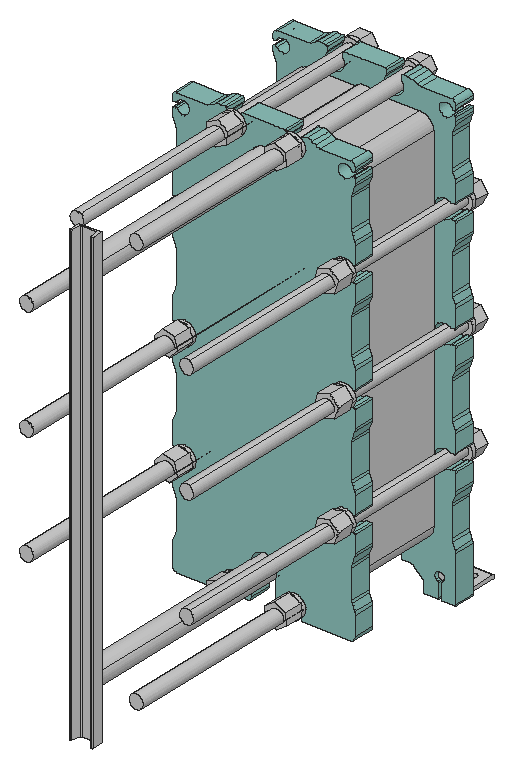
Revit family "Ekin_Endüstriyel - MIT518", category Specialty Equipment, Revit 2022 (continued)
Automatic sketch dimensions
  Extrusion 1 sketch curve to Extrusion 1 sketch curve = 62.947 mm  (x4)
  Extrusion 1 sketch curve to Extrusion 1 sketch curve = 15.352 mm  (x14)
  Extrusion 1 sketch curve to Extrusion 1 sketch curve = 37.744 mm  (x12)
  Extrusion 1 sketch curve to Extrusion 1 sketch curve = 72.947 mm  (x4)
  Extrusion 1 sketch curve to Extrusion 1 sketch curve = 6.006 mm  (x3)
  Extrusion 1 sketch curve to Extrusion 1 sketch curve = 8.994 mm  (x2)
  Extrusion 1 sketch curve to Extrusion 1 sketch curve = 58.00 mm  (x2)
  Extrusion 1 sketch curve to Extrusion 1 sketch curve = 7.00 mm  (x2)
  Extrusion 1 sketch curve to Extrusion 1 sketch curve = 9.333 mm  (x2)
  Extrusion 1 sketch curve to Extrusion 1 sketch curve = 2.679 mm  (x2)
  Extrusion 1 sketch curve to plane 3 "Center (Left/Right)" = 2.239 mm
  Extrusion 1 sketch curve to plane 3 "Center (Left/Right)" = 6.25 mm
  Extrusion 1 sketch curve to Extrusion 1 sketch curve = 1.994 mm  (x32)
  Extrusion 1 sketch curve to Extrusion 1 sketch curve = 31.50 mm  (x4)
  plane 3 "Center (Left/Right)" to Extrusion 1 sketch curve = 2.239 mm
  Extrusion 1 sketch curve to Extrusion 1 sketch curve = 6.187 mm  (x16)
  Extrusion 1 sketch curve to Extrusion 1 sketch curve = 6.368 mm
  Extrusion 2 sketch curve to Extrusion 2 sketch curve = 0.00 mm  (x26)
  Extrusion 2 sketch curve to plane 3 "Center (Left/Right)" = 0.00 mm  (x2)
  Extrusion 2 sketch curve to Extrusion 2 sketch curve = 26.50 mm  (x2)
  Extrusion 2 sketch curve to Extrusion 2 sketch curve = 10.00 mm  (x12)
  plane 3 "Center (Left/Right)" to Extrusion 2 sketch curve = 45.75 mm
  Extrusion 2 sketch curve to Extrusion 2 sketch curve = 9.25 mm  (x2)
  Extrusion 2 sketch curve to Extrusion 2 sketch curve = 3.00 mm  (x31)
  Extrusion 2 sketch curve to Extrusion 2 sketch curve = 16.25 mm  (x20)
  Extrusion 2 sketch curve to Extrusion 2 sketch curve = 10.391 mm  (x2)
  Extrusion 2 sketch curve to Extrusion 2 sketch curve = 8.038 mm  (x2)
  plane 3 "Center (Left/Right)" to Extrusion 2 sketch curve = 175.00 mm  (x3)
  Extrusion 2 sketch curve to Extrusion 2 sketch curve = 55.321 mm  (x2)
  Extrusion 2 sketch curve to Extrusion 2 sketch curve = 5.00 mm  (x15)
  Extrusion 2 sketch curve to Extrusion 2 sketch curve = 2.00 mm  (x2)
  Extrusion 2 sketch curve to Extrusion 2 sketch curve = 95.75 mm  (x2)
  Extrusion 2 sketch curve to Extrusion 2 sketch curve = 14.333 mm  (x18)
  Extrusion 2 sketch curve to Extrusion 2 sketch curve = 12.00 mm  (x10)
  Extrusion 2 sketch curve to Extrusion 2 sketch curve = 1.206 mm  (x23)
  level to Extrusion 2 sketch curve = 124.186 mm  (x2)
  Extrusion 2 sketch curve to Extrusion 2 sketch curve = 4.125 mm  (x2)
  Extrusion 2 sketch curve to Extrusion 2 sketch curve = 7.667 mm  (x15)
  Extrusion 2 sketch curve to Extrusion 2 sketch curve = 2.875 mm  (x4)
  Extrusion 2 sketch curve to Extrusion 2 sketch curve = 5.588 mm  (x14)
  Extrusion 2 sketch curve to Extrusion 2 sketch curve = 1.794 mm  (x2)
  level to Extrusion 2 sketch curve = 108.834 mm  (x2)
  Extrusion 2 sketch curve to Extrusion 2 sketch curve = 20.00 mm  (x9)
  Extrusion 2 sketch curve to Extrusion 2 sketch curve = 18.794 mm  (x7)
  Extrusion 2 sketch curve to plane 3 "Center (Left/Right)" = 45.75 mm
  Extrusion 2 sketch curve to plane 3 "Center (Left/Right)" = 175.00 mm  (x3)
  Extrusion 2 sketch curve to Extrusion 2 sketch curve = 14.125 mm
  level to Extrusion 2 sketch curve = 75.00 mm  (x2)
  Extrusion 2 sketch curve to Extrusion 2 sketch curve = 41.994 mm  (x2)
  Extrusion 2 sketch curve to Extrusion 2 sketch curve = 0.667 mm  (x2)
  Extrusion 2 sketch curve to Extrusion 2 sketch curve = 69.50 mm
  Extrusion 2 sketch curve to Extrusion 2 sketch curve = 62.947 mm  (x4)
  Extrusion 2 sketch curve to Extrusion 2 sketch curve = 15.352 mm  (x14)
  Extrusion 2 sketch curve to Extrusion 2 sketch curve = 37.744 mm  (x12)
  Extrusion 2 sketch curve to Extrusion 2 sketch curve = 72.947 mm  (x4)
  Extrusion 2 sketch curve to Extrusion 2 sketch curve = 6.527 mm
  Extrusion 2 sketch curve to Extrusion 2 sketch curve = 8.994 mm  (x2)
  Extrusion 2 sketch curve to Extrusion 2 sketch curve = 49.50 mm  (x2)
  Extrusion 2 sketch curve to Extrusion 2 sketch curve = 7.00 mm  (x2)
  Extrusion 2 sketch curve to Extrusion 2 sketch curve = 9.333 mm  (x2)
  Extrusion 2 sketch curve to Extrusion 2 sketch curve = 2.679 mm  (x2)
  Extrusion 3 sketch curve to Extrusion 3 sketch curve = 0.00 mm  (x10)
  Extrusion 3 sketch curve to plane 3 "Center (Left/Right)" = 0.00 mm  (x2)
  plane 3 "Center (Left/Right)" to Extrusion 3 sketch curve = 20.00 mm  (x2)
  plane 3 "Center (Left/Right)" to Extrusion 3 sketch curve = 23.994 mm  (x2)
  Extrusion 3 sketch curve to Extrusion 3 sketch curve = 14.00 mm  (x7)
  Extrusion 3 sketch curve to Extrusion 3 sketch curve = 10.006 mm
  Extrusion 3 sketch curve to Extrusion 3 sketch curve = 56.00 mm  (x4)
  Extrusion 3 sketch curve to Extrusion 3 sketch curve = 30.00 mm  (x6)
  Extrusion 3 sketch curve to plane 3 "Center (Left/Right)" = 20.00 mm  (x2)
  Extrusion 3 sketch curve to plane 3 "Center (Left/Right)" = 23.994 mm  (x2)
  level to Extrusion 3 sketch curve = 107.50 mm
  Extrusion 3 sketch curve to Extrusion 3 sketch curve = 16.00 mm  (x2)
  Extrusion 3 sketch curve to Extrusion 3 sketch curve = 8.755 mm  (x4)
  Extrusion 3 sketch curve to Extrusion 3 sketch curve = 4.745 mm  (x3)
  Extrusion 3 sketch curve to Extrusion 3 sketch curve = 37.50 mm  (x4)
  Extrusion 3 sketch curve to Extrusion 3 sketch curve = 700.00 mm
  Extrusion 3 sketch curve to Extrusion 3 sketch curve = 24.00 mm
  Extrusion 3 sketch curve to Extrusion 3 sketch curve = 31.50 mm  (x4)
  Extrusion 4 sketch curve to Extrusion 4 sketch curve = 0.00 mm  (x4)
  Extrusion 4 sketch curve to plane 3 "Center (Left/Right)" = 0.00 mm  (x2)
  level to Extrusion 4 sketch curve = 124.50 mm
  Extrusion 4 sketch curve to Extrusion 4 sketch curve = 801.00 mm
  Extrusion 4 sketch curve to plane 3 "Center (Left/Right)" = 21.453 mm  (x2)
  plane 3 "Center (Left/Right)" to Extrusion 4 sketch curve = 21.453 mm  (x2)
  Extrusion 4 sketch curve to Extrusion 4 sketch curve = 12.836 mm  (x2)
  Extrusion 5 sketch curve to Extrusion 5 sketch curve = 0.00 mm  (x21)
  Extrusion 5 sketch curve to plane 3 "Center (Left/Right)" = 175.00 mm  (x3)
  Extrusion 5 sketch curve to plane 3 "Center (Left/Right)" = 65.00 mm  (x2)
  plane 3 "Center (Left/Right)" to Extrusion 5 sketch curve = 65.00 mm  (x2)
  plane 3 "Center (Left/Right)" to Extrusion 5 sketch curve = 175.00 mm  (x3)
  level to Extrusion 5 sketch curve = 75.00 mm  (x2)
  Extrusion 5 sketch curve to Extrusion 5 sketch curve = 205.00 mm  (x3)
  Extrusion 5 sketch curve to Extrusion 5 sketch curve = 245.00 mm  (x4)
  Extrusion 5 sketch curve to Extrusion 5 sketch curve = 6.445 mm  (x12)
  Extrusion 5 sketch curve to Extrusion 5 sketch curve = 7.313 mm  (x8)
  Extrusion 5 sketch curve to Extrusion 5 sketch curve = 13.097 mm  (x4)
  Extrusion 5 sketch curve to Extrusion 5 sketch curve = 13.545 mm  (x6)
  level to Extrusion 6 sketch curve = 51.227 mm  (x2)
  Extrusion 6 sketch curve to plane 3 "Center (Left/Right)" = 177.378 mm
  level to Extrusion 6 sketch curve = 37.394 mm  (x2)
  Extrusion 6 sketch curve to Extrusion 6 sketch curve = 0.796 mm  (x4)
  level to Extrusion 6 sketch curve = 58.834 mm  (x2)
  Extrusion 6 sketch curve to Extrusion 6 sketch curve = 11.582 mm  (x2)
  level to Extrusion 6 sketch curve = 31.166 mm  (x2)
  Extrusion 6 sketch curve to Extrusion 6 sketch curve = 12.378 mm  (x4)
  level to Extrusion 6 sketch curve = 52.606 mm  (x2)
  level to Extrusion 6 sketch curve = 38.773 mm  (x2)
  plane 3 "Center (Left/Right)" to Extrusion 6 sketch curve = 152.622 mm
  Extrusion 7 sketch curve to Extrusion 7 sketch curve = 0.00 mm  (x4)
  level to Extrusion 7 sketch curve = 45.00 mm  (x2)
  Extrusion 7 sketch curve to plane 3 "Center (Left/Right)" = 165.00 mm
  plane 3 "Center (Left/Right)" to Extrusion 7 sketch curve = 165.00 mm
  Extrusion 7 sketch curve to Extrusion 7 sketch curve = 11.702 mm  (x4)
  Extrusion 7 sketch curve to Extrusion 7 sketch curve = 7.685 mm  (x2)
  Extrusion 8 sketch curve to Extrusion 8 sketch curve = 0.00 mm  (x4)
  level to Extrusion 8 sketch curve = 45.00 mm  (x2)
  Extrusion 8 sketch curve to plane 3 "Center (Left/Right)" = 165.00 mm
  plane 3 "Center (Left/Right)" to Extrusion 8 sketch curve = 165.00 mm
  Extrusion 8 sketch curve to Extrusion 8 sketch curve = 5.851 mm  (x4)
  Extrusion 8 sketch curve to Extrusion 8 sketch curve = 3.843 mm  (x2)
  level to Extrusion 9 sketch curve = 51.227 mm  (x2)
  Extrusion 9 sketch curve to plane 3 "Center (Left/Right)" = 177.378 mm
  level to Extrusion 9 sketch curve = 37.394 mm  (x2)
  Extrusion 9 sketch curve to Extrusion 9 sketch curve = 0.796 mm  (x4)
  level to Extrusion 9 sketch curve = 58.834 mm  (x2)
  Extrusion 9 sketch curve to Extrusion 9 sketch curve = 11.582 mm  (x2)
  level to Extrusion 9 sketch curve = 31.166 mm  (x2)
  Extrusion 9 sketch curve to Extrusion 9 sketch curve = 12.378 mm  (x4)
  level to Extrusion 9 sketch curve = 52.606 mm  (x2)
  level to Extrusion 9 sketch curve = 38.773 mm  (x2)
  plane 3 "Center (Left/Right)" to Extrusion 9 sketch curve = 152.622 mm
  Extrusion 10 sketch curve to Extrusion 10 sketch curve = 0.00 mm  (x41)
  Extrusion 10 sketch curve to plane 3 "Center (Left/Right)" = 147.50 mm  (x2)
  Extrusion 10 sketch curve to Extrusion 10 sketch curve = 12.00 mm  (x16)
  Extrusion 10 sketch curve to Extrusion 10 sketch curve = 3.50 mm  (x26)
  Extrusion 10 sketch curve to Extrusion 10 sketch curve = 15.50 mm  (x14)
  Extrusion 10 sketch curve to Extrusion 10 sketch curve = 42.00 mm  (x20)
  Extrusion 10 sketch curve to plane 3 "Center (Left/Right)" = 48.00 mm  (x4)
  plane 3 "Center (Left/Right)" to Extrusion 10 sketch curve = 32.50 mm  (x2)
  level to Extrusion 10 sketch curve = 117.50 mm  (x2)
  Extrusion 10 sketch curve to Extrusion 10 sketch curve = 585.00 mm
  Extrusion 10 sketch curve to Extrusion 10 sketch curve = 6.00 mm  (x8)
  Extrusion 10 sketch curve to Extrusion 10 sketch curve = 31.50 mm  (x4)
  Extrusion 10 sketch curve to Extrusion 10 sketch curve = 9.50 mm  (x8)
  Extrusion 11 sketch curve to Extrusion 11 sketch curve = 0.00 mm  (x42)
  Extrusion 11 sketch curve to plane 3 "Center (Left/Right)" = 132.00 mm  (x2)
  Extrusion 11 sketch curve to plane 3 "Center (Left/Right)" = 48.00 mm  (x4)
  plane 3 "Center (Left/Right)" to Extrusion 11 sketch curve = 48.00 mm  (x4)
  Extrusion 11 sketch curve to Extrusion 11 sketch curve = 84.00 mm  (x9)
  level to Extrusion 11 sketch curve = 133.00 mm  (x2)
  Extrusion 11 sketch curve to Extrusion 11 sketch curve = 616.00 mm
  Extrusion 11 sketch curve to Extrusion 11 sketch curve = 4.601 mm  (x32)
  Extrusion 11 sketch curve to Extrusion 11 sketch curve = 14.277 mm  (x16)
  Extrusion 12 sketch curve to plane 3 "Center (Left/Right)" = 146.111 mm  (x2)
  Extrusion 12 sketch curve to Extrusion 12 sketch curve = 0.00 mm  (x7)
  Extrusion 12 sketch curve to Extrusion 12 sketch curve = 4.427 mm  (x30)
  Extrusion 12 sketch curve to Extrusion 12 sketch curve = 9.684 mm  (x18)
  Extrusion 12 sketch curve to Extrusion 12 sketch curve = 14.111 mm  (x32)
  Extrusion 12 sketch curve to Extrusion 12 sketch curve = 55.778 mm  (x8)
  plane 3 "Center (Left/Right)" to Extrusion 12 sketch curve = 33.889 mm  (x4)
  level to Extrusion 12 sketch curve = 119.262 mm  (x2)
  Extrusion 12 sketch curve to Extrusion 12 sketch curve = 3.035 mm  (x18)
  Extrusion 12 sketch curve to Extrusion 12 sketch curve = 10.703 mm  (x30)
  Extrusion 12 sketch curve to Extrusion 12 sketch curve = 13.738 mm  (x32)
  Extrusion 12 sketch curve to Extrusion 12 sketch curve = 56.524 mm  (x8)
  Extrusion 12 sketch curve to Extrusion 12 sketch curve = 588.524 mm
  Extrusion 13 sketch curve to Extrusion 13 sketch curve = 0.00 mm  (x4)
  Extrusion 13 sketch curve to plane 3 "Center (Left/Right)" = 0.00 mm  (x2)
  level to Extrusion 13 sketch curve = 124.429 mm
  Extrusion 13 sketch curve to Extrusion 13 sketch curve = 801.052 mm
  Extrusion 13 sketch curve to plane 3 "Center (Left/Right)" = 9.00 mm  (x2)
  Extrusion 14 sketch curve to plane 3 "Center (Left/Right)" = 25.00 mm
  Extrusion 14 sketch curve to Extrusion 14 sketch curve = 2.00 mm
  Extrusion 14 sketch curve to Extrusion 14 sketch curve = 0.974 mm  (x2)
  Extrusion 14 sketch curve to Extrusion 14 sketch curve = 1.481 mm  (x2)
  Extrusion 14 sketch curve to plane 8 "3" = 6.676 mm  (x2)
  Extrusion 14 sketch curve to Extrusion 14 sketch curve = 7.228 mm  (x2)
  Extrusion 14 sketch curve to Extrusion 14 sketch curve = 2.692 mm  (x2)
  Extrusion 14 sketch curve to plane 8 "3" = 8.00 mm
  plane 3 "Center (Left/Right)" to Extrusion 14 sketch curve = 15.08 mm
  Extrusion 14 sketch curve to Extrusion 14 sketch curve = 5.465 mm
  Extrusion 14 sketch curve to Extrusion 14 sketch curve = 16.324 mm
  Extrusion 14 sketch curve to Extrusion 14 sketch curve = 15.00 mm
  Extrusion 14 sketch curve to Extrusion 14 sketch curve = 0.50 mm  (x2)
  Extrusion 15 sketch curve to level = 0.00 mm
  Extrusion 15 sketch curve to plane 1 "Center (Front/Back)" = 0.00 mm
  level to Extrusion 15 sketch curve = 1.00 mm
  Extrusion 15 sketch curve to Extrusion 15 sketch curve = 2.00 mm
  Extrusion 15 sketch curve to Extrusion 15 sketch curve = 3.50 mm
  level to Extrusion 15 sketch curve = 7.50 mm
  Extrusion 15 sketch curve to Extrusion 15 sketch curve = 5.00 mm
  Extrusion 15 sketch curve to plane 1 "Center (Front/Back)" = 4.50 mm
  Extrusion 15 sketch curve to Extrusion 15 sketch curve = 54.50 mm
  Extrusion 15 sketch curve to Extrusion 15 sketch curve = 3.00 mm
  plane 9 "Bolt End" to Extrusion 15 sketch curve = 49.30 mm
  Extrusion 16 sketch curve to Extrusion 16 sketch curve = 0.00 mm  (x4)
  plane 1 "Center (Front/Back)" to Extrusion 16 sketch curve = 0.00 mm
  plane 9 "Bolt End" to Extrusion 16 sketch curve = 26.30 mm  (x2)
  Extrusion 16 sketch curve to Extrusion 16 sketch curve = 25.00 mm  (x3)
  Extrusion 16 sketch curve to plane 3 "Center (Left/Right)" = 165.00 mm
  plane 3 "Center (Left/Right)" to Extrusion 16 sketch curve = 140.00 mm
  Extrusion 16 sketch curve to Extrusion 16 sketch curve = 9.00 mm  (x2)
  Extrusion 17 sketch curve to Extrusion 17 sketch curve = 0.00 mm  (x21)
  Extrusion 17 sketch curve to plane 3 "Center (Left/Right)" = 175.00 mm  (x3)
  Extrusion 17 sketch curve to plane 3 "Center (Left/Right)" = 65.00 mm  (x2)
  plane 3 "Center (Left/Right)" to Extrusion 17 sketch curve = 65.00 mm  (x2)
  plane 3 "Center (Left/Right)" to Extrusion 17 sketch curve = 175.00 mm  (x3)
  level to Extrusion 17 sketch curve = 75.00 mm  (x2)
  Extrusion 17 sketch curve to Extrusion 17 sketch curve = 205.00 mm  (x3)
  Extrusion 17 sketch curve to Extrusion 17 sketch curve = 245.00 mm  (x4)
  Extrusion 17 sketch curve to Extrusion 17 sketch curve = 16.595 mm  (x12)
  Extrusion 17 sketch curve to Extrusion 17 sketch curve = 12.084 mm  (x8)
  Extrusion 17 sketch curve to Extrusion 17 sketch curve = 21.886 mm  (x4)
  Extrusion 17 sketch curve to Extrusion 17 sketch curve = 18.698 mm  (x6)
  Extrusion 2 to Extrusion 18 sketch curve = 0.753 mm  (x6)
  Extrusion 2 to Extrusion 18 sketch curve = 1.498 mm  (x6)
  Extrusion 18 sketch curve to Extrusion 2 = 9.745 mm  (x6)
  Extrusion 18 sketch curve to Extrusion 2 = 9.298 mm  (x12)
  Extrusion 18 sketch curve to Extrusion 2 = 24.255 mm  (x6)
  Extrusion 18 sketch curve to Extrusion 2 = 2.807 mm  (x12)
  Extrusion 18 sketch curve to Extrusion 18 sketch curve = 25.753 mm  (x3)
  Extrusion 2 to Extrusion 18 sketch curve = 9.759 mm  (x12)
  Extrusion 18 sketch curve to Extrusion 18 sketch curve = 7.255 mm  (x6)
  Extrusion 18 sketch curve to Extrusion 2 = 7.757 mm  (x8)
  Extrusion 2 to Extrusion 18 sketch curve = 3.642 mm  (x2)
  Extrusion 2 to Extrusion 18 sketch curve = 0.111 mm  (x2)
  Extrusion 18 sketch curve to Extrusion 2 = 5.59 mm  (x8)
  Extrusion 2 to Extrusion 18 sketch curve = 14.083 mm  (x8)
  Extrusion 2 to Extrusion 18 sketch curve = 1.47 mm  (x4)
  Extrusion 18 sketch curve to Extrusion 2 = 0.111 mm  (x2)
  Extrusion 18 sketch curve to Extrusion 2 = 3.642 mm  (x2)
  Extrusion 18 sketch curve to Extrusion 2 = 42.753 mm  (x3)
  Extrusion 18 sketch curve to Extrusion 2 = 9.889 mm  (x2)
  Extrusion 18 sketch curve to Extrusion 2 = 13.642 mm  (x2)
  Extrusion 18 sketch curve to Extrusion 18 sketch curve = 26.47 mm  (x4)
  Extrusion 18 sketch curve to Extrusion 18 sketch curve = 11.358 mm  (x2)
  Extrusion 18 sketch curve to Extrusion 2 = 11.47 mm  (x2)
  Extrusion 19 sketch curve to Extrusion 19 sketch curve = 0.00 mm  (x10)
  Extrusion 19 sketch curve to Extrusion 2 = 0.196 mm  (x6)
  Extrusion 2 to Extrusion 19 sketch curve = 13.127 mm  (x6)
  Extrusion 19 sketch curve to Extrusion 2 = 4.152 mm  (x4)
  Extrusion 19 sketch curve to Extrusion 2 = 0.551 mm  (x2)
  Extrusion 2 to Extrusion 19 sketch curve = 0.551 mm  (x2)
  Extrusion 20 sketch curve to plane 3 "Center (Left/Right)" = 201.186 mm  (x3)
  Extrusion 20 sketch curve to Extrusion 20 sketch curve = 11.286 mm  (x8)
  Extrusion 20 sketch curve to Extrusion 20 sketch curve = 14.90 mm  (x10)
  Extrusion 20 sketch curve to Extrusion 20 sketch curve = 26.186 mm  (x12)
  Extrusion 20 sketch curve to plane 3 "Center (Left/Right)" = 91.267 mm  (x2)
  Extrusion 20 sketch curve to Extrusion 20 sketch curve = 12.807 mm  (x6)
  Extrusion 20 sketch curve to Extrusion 20 sketch curve = 13.459 mm  (x6)
  Extrusion 20 sketch curve to Extrusion 20 sketch curve = 26.267 mm  (x8)
  plane 3 "Center (Left/Right)" to Extrusion 20 sketch curve = 38.733 mm  (x2)
  plane 3 "Center (Left/Right)" to Extrusion 20 sketch curve = 148.814 mm  (x3)
  level to Extrusion 20 sketch curve = 52.064 mm  (x2)
  Extrusion 20 sketch curve to Extrusion 20 sketch curve = 0.377 mm  (x6)
  Extrusion 20 sketch curve to Extrusion 20 sketch curve = 22.559 mm  (x6)
  Extrusion 20 sketch curve to Extrusion 20 sketch curve = 22.936 mm  (x8)
  Extrusion 20 sketch curve to Extrusion 20 sketch curve = 158.719 mm  (x2)
  Extrusion 20 sketch curve to Extrusion 20 sketch curve = 2.087 mm  (x8)
  Extrusion 20 sketch curve to Extrusion 20 sketch curve = 21.635 mm  (x10)
  Extrusion 20 sketch curve to Extrusion 20 sketch curve = 23.721 mm  (x12)
  Extrusion 20 sketch curve to Extrusion 20 sketch curve = 197.557 mm  (x4)
  Extrusion 20 sketch curve to Extrusion 20 sketch curve = 160.429 mm
  Extrusion 20 sketch curve to Extrusion 20 sketch curve = 0.00 mm
  Extrusion 21 sketch curve to Extrusion 21 sketch curve = 0.00 mm  (x13)
  Extrusion 21 sketch curve to level = 0.00 mm  (x2)
  level to Extrusion 21 sketch curve = 3.00 mm  (x3)
  Extrusion 21 sketch curve to plane 4 = 1360.00 mm
  Extrusion 21 sketch curve to Extrusion 21 sketch curve = 10.00 mm  (x2)
  Extrusion 21 sketch curve to Extrusion 21 sketch curve = 12.00 mm  (x2)
  Extrusion 21 sketch curve to Extrusion 21 sketch curve = 22.00 mm  (x3)
  Extrusion 21 sketch curve to Extrusion 21 sketch curve = 3.00 mm  (x2)
  Extrusion 21 sketch curve to Extrusion 21 sketch curve = 32.00 mm  (x2)
  Extrusion 21 sketch curve to Extrusion 21 sketch curve = 60.679 mm
  Extrusion 21 sketch curve to Extrusion 21 sketch curve = 25.00 mm  (x4)
  Extrusion 21 sketch curve to Extrusion 21 sketch curve = 17.321 mm  (x2)
  Extrusion 21 sketch curve to Extrusion 21 sketch curve = 27.321 mm
  Extrusion 21 sketch curve to Extrusion 21 sketch curve = 15.00 mm  (x3)
  Extrusion 21 sketch curve to Extrusion 21 sketch curve = 35.00 mm  (x2)
  Extrusion 21 sketch curve to Extrusion 21 sketch curve = 40.00 mm  (x2)
  Extrusion 21 sketch curve to Extrusion 21 sketch curve = 65.00 mm  (x4)
  Extrusion 21 sketch curve to plane 4 = 1070.00 mm  (x2)
  Extrusion 21 sketch curve to plane 4 = 1030.00 mm
  Extrusion 21 sketch curve to plane 4 = 995.00 mm
  Extrusion 21 sketch curve to plane 4 = 985.00 mm  (x3)
  Extrusion 21 sketch curve to plane 4 = 982.00 mm
  Extrusion 21 sketch curve to plane 4 = 963.00 mm
  Extrusion 21 sketch curve to Extrusion 21 sketch curve = 20.00 mm  (x2)
  Extrusion 21 sketch curve to Extrusion 21 sketch curve = 49.50 mm  (x3)
  Extrusion 21 sketch curve to Extrusion 21 sketch curve = 50.50 mm  (x3)
  Extrusion 21 sketch curve to Extrusion 21 sketch curve = 105.00 mm  (x4)
  Extrusion 21 sketch curve to Extrusion 21 sketch curve = 245.00 mm  (x4)
  Extrusion 21 sketch curve to Extrusion 21 sketch curve = 90.00 mm  (x2)
  Extrusion 21 sketch curve to Extrusion 21 sketch curve = 31.50 mm  (x4)
  Extrusion 21 sketch curve to Extrusion 21 sketch curve = 6.25 mm
  Extrusion 21 sketch curve to Extrusion 21 sketch curve = 2.239 mm  (x2)
  Extrusion 21 sketch curve to Extrusion 21 sketch curve = 6.368 mm
  Extrusion 22 sketch curve to Extrusion 22 sketch curve = 0.00 mm  (x5)
  Extrusion 22 sketch curve to plane 4 = 960.00 mm
  Extrusion 22 sketch curve to Extrusion 22 sketch curve = 10.00 mm  (x4)
  Extrusion 22 sketch curve to plane 4 = 982.00 mm
  Extrusion 22 sketch curve to plane 4 = 985.00 mm  (x3)
  Extrusion 22 sketch curve to plane 4 = 1042.679 mm
  Extrusion 22 sketch curve to Extrusion 22 sketch curve = 17.321 mm  (x2)
  Extrusion 22 sketch curve to Extrusion 22 sketch curve = 35.00 mm  (x2)
  Extrusion 22 sketch curve to plane 4 = 1095.00 mm
  Extrusion 22 sketch curve to Extrusion 22 sketch curve = 65.00 mm  (x4)
  Extrusion 22 sketch curve to Extrusion 22 sketch curve = 57.679 mm
  Extrusion 22 sketch curve to Extrusion 22 sketch curve = 175.00 mm
  Extrusion 22 sketch curve to Extrusion 22 sketch curve = 60.679 mm
  level to Extrusion 22 sketch curve = 60.00 mm
  Extrusion 22 sketch curve to Extrusion 22 sketch curve = 125.00 mm
  Extrusion 22 sketch curve to Extrusion 22 sketch curve = 12.00 mm
  level to Extrusion 22 sketch curve = 75.00 mm  (x2)
  Extrusion 22 sketch curve to Extrusion 22 sketch curve = 54.50 mm
  Extrusion 22 sketch curve to Extrusion 22 sketch curve = 150.50 mm  (x2)
  Extrusion 22 sketch curve to Extrusion 22 sketch curve = 245.00 mm  (x4)
  Extrusion 22 sketch curve to Extrusion 22 sketch curve = 155.50 mm
  Extrusion 22 sketch curve to Extrusion 22 sketch curve = 39.50 mm  (x2)
  Extrusion 22 sketch curve to Extrusion 22 sketch curve = 49.50 mm  (x2)
  Extrusion 22 sketch curve to Extrusion 22 sketch curve = 15.00 mm  (x2)
  Extrusion 22 sketch curve to Extrusion 22 sketch curve = 26.50 mm  (x2)
  Extrusion 23 sketch curve to plane 4 = 1010.00 mm
  Extrusion 23 sketch curve to plane 4 = 1040.00 mm  (x2)
  Extrusion 23 sketch curve to Extrusion 23 sketch curve = 86.00 mm  (x4)
  Extrusion 23 sketch curve to Extrusion 23 sketch curve = 10.006 mm  (x4)
  Extrusion 23 sketch curve to Extrusion 23 sketch curve = 14.00 mm  (x6)
  Extrusion 23 sketch curve to Extrusion 23 sketch curve = 23.994 mm  (x4)
  Extrusion 23 sketch curve to Extrusion 23 sketch curve = 40.00 mm  (x2)
  Extrusion 23 sketch curve to Extrusion 23 sketch curve = 30.00 mm  (x4)
  level to Extrusion 23 sketch curve = 107.50 mm
  Extrusion 23 sketch curve to Extrusion 23 sketch curve = 0.00 mm  (x2)
  Extrusion 23 sketch curve to Extrusion 23 sketch curve = 16.00 mm  (x3)
  Extrusion 23 sketch curve to Extrusion 23 sketch curve = 8.755 mm  (x5)
  Extrusion 23 sketch curve to Extrusion 23 sketch curve = 4.745 mm  (x3)
  Extrusion 23 sketch curve to Extrusion 23 sketch curve = 748.00 mm
  Extrusion 24 sketch curve to Extrusion 24 sketch curve = 0.00 mm  (x9)
  Extrusion 24 sketch curve to plane 4 = 1307.50 mm  (x2)
  level to Extrusion 24 sketch curve = 117.50 mm  (x2)
  Extrusion 24 sketch curve to Extrusion 24 sketch curve = 12.00 mm  (x22)
  Extrusion 24 sketch curve to Extrusion 24 sketch curve = 45.50 mm  (x16)
  Extrusion 24 sketch curve to Extrusion 24 sketch curve = 65.00 mm  (x2)
  Extrusion 24 sketch curve to plane 4 = 1070.00 mm  (x2)
  Extrusion 24 sketch curve to plane 4 = 1024.50 mm  (x4)
  Extrusion 24 sketch curve to plane 4 = 1012.50 mm  (x2)
  Extrusion 24 sketch curve to Extrusion 24 sketch curve = 57.50 mm  (x2)
  Extrusion 24 sketch curve to Extrusion 24 sketch curve = 585.00 mm
  Extrusion 24 sketch curve to Extrusion 24 sketch curve = 31.50 mm  (x4)
  plane 5 to Extrusion 25 sketch curve = 1000.00 mm  (x2)
  plane 5 to Extrusion 25 sketch curve = 935.00 mm
  plane 5 to Extrusion 25 sketch curve = 910.00 mm  (x2)
  Extrusion 25 sketch curve to Extrusion 25 sketch curve = 135.00 mm  (x3)
  Extrusion 25 sketch curve to Extrusion 25 sketch curve = 35.00 mm  (x6)
  Extrusion 25 sketch curve to Extrusion 25 sketch curve = 85.00 mm  (x4)
  plane 5 to Extrusion 25 sketch curve = 825.00 mm
  plane 5 to Extrusion 25 sketch curve = 1090.00 mm  (x2)
  Extrusion 25 sketch curve to Extrusion 25 sketch curve = 65.00 mm
  plane 5 to Extrusion 25 sketch curve = 1175.00 mm
  Extrusion 25 sketch curve to Extrusion 25 sketch curve = 5.00 mm  (x2)
  Extrusion 25 sketch curve to Extrusion 25 sketch curve = 25.00 mm  (x3)
  Extrusion 25 sketch curve to Extrusion 25 sketch curve = 49.50 mm  (x3)
  Extrusion 25 sketch curve to Extrusion 25 sketch curve = 50.50 mm  (x3)
  Extrusion 25 sketch curve to Extrusion 25 sketch curve = 105.00 mm  (x4)
  Extrusion 25 sketch curve to Extrusion 25 sketch curve = 245.00 mm  (x3)
  Extrusion 25 sketch curve to Extrusion 25 sketch curve = 90.00 mm
  plane 5 to Extrusion 25 sketch curve = 997.761 mm
  plane 5 to Extrusion 25 sketch curve = 993.75 mm
  Extrusion 25 sketch curve to Extrusion 25 sketch curve = 31.50 mm  (x4)
  plane 5 to Extrusion 25 sketch curve = 1002.239 mm
  Extrusion 25 sketch curve to Extrusion 25 sketch curve = 6.368 mm
  plane 5 to Extrusion 26 sketch curve = 1000.00 mm  (x2)
  plane 5 to Extrusion 26 sketch curve = 1065.00 mm
  Extrusion 26 sketch curve to Extrusion 26 sketch curve = 135.00 mm  (x3)
  plane 5 to Extrusion 26 sketch curve = 1175.00 mm  (x3)
  level to Extrusion 26 sketch curve = 50.00 mm
  plane 5 to Extrusion 26 sketch curve = 935.00 mm
  plane 5 to Extrusion 26 sketch curve = 825.00 mm  (x3)
  level to Extrusion 26 sketch curve = 75.00 mm  (x2)
  Extrusion 26 sketch curve to Extrusion 26 sketch curve = 54.50 mm
  Extrusion 26 sketch curve to Extrusion 26 sketch curve = 150.50 mm  (x2)
  Extrusion 26 sketch curve to Extrusion 26 sketch curve = 245.00 mm  (x4)
  Extrusion 26 sketch curve to Extrusion 26 sketch curve = 155.50 mm
  Extrusion 26 sketch curve to Extrusion 26 sketch curve = 39.50 mm
  Extrusion 26 sketch curve to Extrusion 26 sketch curve = 49.50 mm  (x2)
  Extrusion 26 sketch curve to Extrusion 26 sketch curve = 35.00 mm  (x2)
  Extrusion 26 sketch curve to Extrusion 26 sketch curve = 26.50 mm  (x2)
  plane 5 to Extrusion 28 sketch curve = 852.50 mm  (x2)
  Extrusion 28 sketch curve to Extrusion 28 sketch curve = 12.00 mm  (x30)
  plane 5 to Extrusion 28 sketch curve = 955.50 mm  (x4)
  plane 5 to Extrusion 28 sketch curve = 1032.50 mm  (x2)
  level to Extrusion 28 sketch curve = 117.50 mm  (x2)
  Extrusion 28 sketch curve to Extrusion 28 sketch curve = 585.00 mm
  Extrusion 28 sketch curve to Extrusion 28 sketch curve = 0.00 mm  (x2)
  Extrusion 28 sketch curve to Extrusion 28 sketch curve = 91.00 mm  (x5)
  plane 5 to Extrusion 27 sketch curve = 1150.00 mm
  plane 5 to Extrusion 27 sketch curve = 1034.00 mm  (x2)
  plane 5 to Extrusion 27 sketch curve = 966.00 mm  (x2)
  Extrusion 27 sketch curve to Extrusion 27 sketch curve = 116.00 mm
  level to Extrusion 27 sketch curve = 107.50 mm  (x2)
  Extrusion 27 sketch curve to Extrusion 27 sketch curve = 748.00 mm
  Extrusion 27 sketch curve to Extrusion 27 sketch curve = 43.50 mm  (x3)
  Extrusion 26 sketch curve to Extrusion 26 sketch curve = 22.00 mm  (x2)
  Extrusion 26 sketch curve to Extrusion 26 sketch curve = 38.50 mm
  Extrusion 25 sketch curve to Extrusion 25 sketch curve = 0.00 mm
  level to Extrusion 25 sketch curve = 45.00 mm
  level to Extrusion 25 sketch curve = 0.00 mm  (x2)
  plane 3 "Center (Left/Right)" to Extrusion 25 sketch curve = 65.00 mm
  Extrusion 25 sketch curve to Extrusion 25 sketch curve = 22.00 mm  (x2)
  radius of Extrusion 2 to Extrusion 19 sketch curve = 4.00 mm  (x10)
  radius of Extrusion 21 sketch curve = 11.00 mm  (x2)
  radius of Extrusion 21 sketch curve = 21.00 mm  (x10)
  radius of Extrusion 21 sketch curve = 15.00 mm  (x2)
  radius of Extrusion 22 sketch curve = 21.00 mm  (x10)
  radius of Extrusion 22 sketch curve = 15.00 mm  (x2)
  radius of Extrusion 25 sketch curve = 11.00 mm  (x2)
  radius of Extrusion 25 sketch curve = 21.00 mm  (x10)
  radius of Extrusion 25 sketch curve = 15.00 mm  (x2)
  radius of Extrusion 26 sketch curve = 21.00 mm  (x10)
  radius of Extrusion 26 sketch curve = 15.00 mm  (x2)
Connectors
  piping at (90, 15, 875), diameter 50.8
    settings: on Extrusion 10, index 1, connector inside diameter 609.6 mm, connector length 0.00 mm, flow factor 0, pipe flow 0.0 L/s, pressure drop 0 bar, fitting loss kfactor 0, connector angle 0.00°, fixture units 0, engagement length 0.00 mm, angle of deflection 0.00°, flow configuration 0, flow direction 1, fitting loss method 0, system type 7, joint type 0, gender type 0, connector reference index -1, connector utility 0, adjustable connector no, is connector primary yes, connector description ""
  piping at (-90, 15, 875), diameter 50.8
    settings: on Extrusion 10, index 2, connector inside diameter 609.6 mm, connector length 0.00 mm, flow factor 0, pipe flow 0.0 L/s, pressure drop 0 bar, fitting loss kfactor 0, connector angle 0.00°, fixture units 0, engagement length 0.00 mm, angle of deflection 0.00°, flow configuration 0, flow direction 2, fitting loss method 0, system type 7, joint type 0, gender type 0, connector reference index -1, connector utility 0, adjustable connector no, is connector primary no, connector description ""
  piping at (90, 15, 175), diameter 50.8
    settings: on Extrusion 10, index 3, connector inside diameter 609.6 mm, connector length 0.00 mm, flow factor 0, pipe flow 0.0 L/s, pressure drop 0 bar, fitting loss kfactor 0, connector angle 0.00°, fixture units 0, engagement length 0.00 mm, angle of deflection 0.00°, flow configuration 0, flow direction 2, fitting loss method 0, system type 7, joint type 0, gender type 0, connector reference index -1, connector utility 0, adjustable connector no, is connector primary no, connector description ""
  piping at (-90, 15, 175), diameter 50.8
    settings: on Extrusion 10, index 4, connector inside diameter 609.6 mm, connector length 0.00 mm, flow factor 0, pipe flow 0.0 L/s, pressure drop 0 bar, fitting loss kfactor 0, connector angle 0.00°, fixture units 0, engagement length 0.00 mm, angle of deflection 0.00°, flow configuration 0, flow direction 1, fitting loss method 0, system type 7, joint type 0, gender type 0, connector reference index -1, connector utility 0, adjustable connector no, is connector primary no, connector description ""
